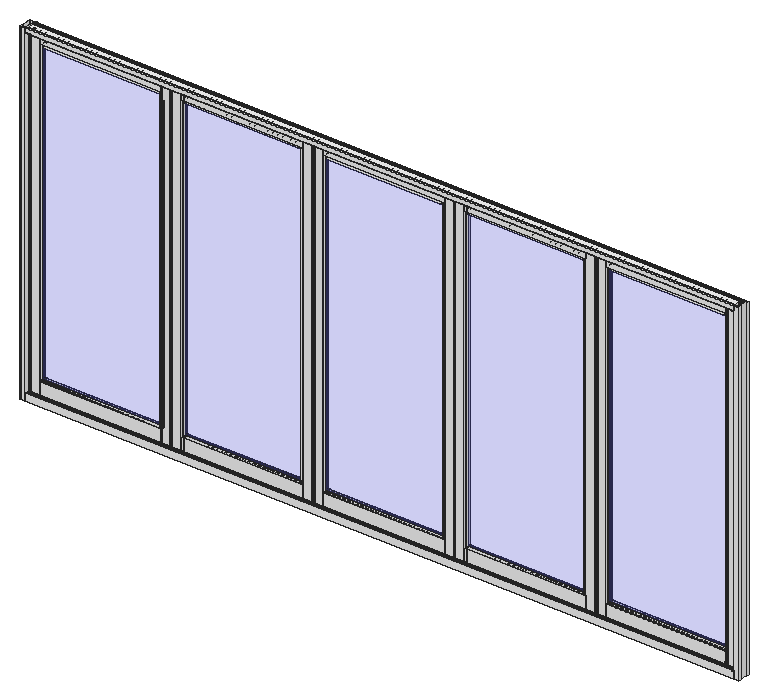
Revit family "Vistafold_Sliding_Folding_5_Standard", category Doors, host Wall, Revit 2014
Parameters (values of type "Vistafold-5-4521-1000Pa")
  Windload Design = if(Custom Windload < 1001 mm, 1000 mm, if(Custom Windload < 1501 mm, 1500 mm, 1500 mm))  # 1000 mm
  Width Sash [instance] = 881.2 mm
  Width = if(Custom Door Width < Limit Door Width Min, Limit Door Width Min, if(Custom Door Width > Limit Door Width Max, Limit Door Width Max, Custom Door Width))  # 4490 mm
  Wall Thickness [instance] = 200 mm
  URL = "http://www.crealco.co.za/crealco-products.php"
  Toughened Safety U Value = 6.17
  Toughened Safety SHGC Value = 0.664
  Thickness = 758 mm
  Thermal Resistance (R) [instance] = if(IGDB or SAGDB Number = 1000016, 1.0000 (m²·K)/W / Toughened Safety U Value, if(IGDB or SAGDB Number = 100100, 1.0000 (m²·K)/W / Intruderprufe U Value, if(IGDB or SAGDB Number = 103200, 1.0000 (m²·K)/W / Intruderprufe LowE U Value, if(IGDB or SAGDB Number = 105003, 1.0000 (m²·K)/W / Intruderprufe Insulated U Value, if(IGDB or SAGDB Number = 105004, 1.0000 (m²·K)/W / Intruderprufe Insulated LowE U Value, 1.0000 (m²·K)/W / 7.9))))) * 1  # 0.126582 (m²·K)/W
  Solar Heat Gain Coefficient [instance] = if(IGDB or SAGDB Number = 1000016, Toughened Safety SHGC Value, if(IGDB or SAGDB Number = 100100, Intruderprufe SHGC Value, if(IGDB or SAGDB Number = 103200, Intruderprufe LowE SHGC Value, if(IGDB or SAGDB Number = 105003, Intruderprufe Insulated SHGC Value, if(IGDB or SAGDB Number = 105004, Intruderprufe Insulated LowE SHGC Value, 0)))))  # 0
  Single Glazing [instance] = not(Double Glazing)  # yes
  Sash Width = (Width - (2 * Sash Side Gap) - ((Number Of Sash Inserts - 1) * Sash Spacing Gap)) / Number Of Sash Inserts  # 881.2 mm
  Sash Spacing Gap = 4 mm  # constant formula
  Sash Height = Height - Sash Top Gap - Sash Bottom Gap  # 2023 mm
  Sash Top Gap = 34 mm  # constant formula
  Sash Side Gap = 34 mm  # constant formula
  Sash Frame Seal = 3.4 mm  # constant formula
  Sash Bottom Gap = 33 mm  # constant formula
  Rough Width = 2.5 mm
  Overall Width [instance] = 4490 mm
  Overall Height [instance] = 2090 mm
  Number Of Sash Inserts = 5  # constant formula
  Model = "Vistafold"  # constant formula
  Max System DG Unit Thickness = 25 mm  # constant formula
  Max System DG One Piece Thickness = rounddown((Max System DG Unit Thickness - DG Air Gap Thickness) / 2 mm) * 1 mm  # 6 mm
  Max Pane Area = (Sash Width - (2 * 38.7 mm)) * (Sash Height - (2 * 38.7 mm))  # 1.56387 m²
  Manufacturer = "Crealco"  # constant formula
  Limit Door Width Min = (Limit Sash Width Min * Number Of Sash Inserts) + (2 * Sash Side Gap) + ((Number Of Sash Inserts - 1) * Sash Spacing Gap)  # 1584 mm
  Limit Door Width Max = (Limit Sash Width Max * Number Of Sash Inserts) + (2 * Sash Side Gap) + ((Number Of Sash Inserts - 1) * Sash Spacing Gap)  # 4584 mm
  Limit Door Height Min = Limit Sash Height Min + Sash Bottom Gap + Sash Top Gap  # 367 mm
  Limit Door Height Max = Limit Sash Height Max + Sash Bottom Gap + Sash Top Gap  # 2467 mm
  Limit Sash Width Min = 300 mm  # constant formula
  Limit Sash Width Max = if(Windload Design = 1000 mm, if(not(Height - Sash Top Gap - Sash Bottom Gap > 2100 mm), 900 mm, 600 mm), 600 mm)  # 900 mm
  Limit Sash Height Min = 300 mm  # constant formula
  Limit Sash Height Max = if(Windload Design = 1000 mm, 2400 mm, 2100 mm)  # 2400 mm
  Intruderprufe U Value = 6.06
  Intruderprufe SHGC Value = 0.626
  Intruderprufe LowE U Value = 4.76
  Intruderprufe LowE SHGC Value = 0.547
  Intruderprufe Insulated U Value = 3.73
  Intruderprufe Insulated SHGC Value = 0.54
  Intruderprufe Insulated LowE U Value = 3.8
  Intruderprufe Insulated LowE SHGC Value = 0.487
  IGDB or SAGDB Number = 0
  Height Sash [instance] = 2023 mm
  Height = if(Custom Door Height < Limit Door Height Min, Limit Door Height Min, if(Custom Door Height > Limit Door Height Max, Limit Door Height Max, Custom Door Height))  # 2090 mm
  Heat Transfer Coefficient (U) [instance] = if(IGDB or SAGDB Number = 1000016, Toughened Safety U Value, if(IGDB or SAGDB Number = 100100, Intruderprufe U Value, if(IGDB or SAGDB Number = 103200, Intruderprufe LowE U Value, if(IGDB or SAGDB Number = 105003, Intruderprufe Insulated U Value, if(IGDB or SAGDB Number = 105004, Intruderprufe Insulated LowE U Value, 7.9))))) * 1.0000 W/(m²·K)  # 7.9000 W/(m²·K)
  Glazing Thickness DG [instance] = if(IGDB or SAGDB Number = 105003, 6 mm, if(IGDB or SAGDB Number = 105004, 7 mm, if(DG Thickness Calc > Max System DG One Piece Thickness, Max System DG One Piece Thickness, DG Thickness Calc)))  # 6 mm
  Glazing Thickness SG [instance] = if(IGDB or SAGDB Number = 1000016, 5 mm, if(IGDB or SAGDB Number = 100100, 6 mm, if(IGDB or SAGDB Number = 103200, 7 mm, if(not(Max Pane Area > 0.75 m²), 4 mm, if(not(Max Pane Area > 1.50 m²), 4 mm, if(not(Max Pane Area > 2.10 m²), 5 mm, if(not(Max Pane Area > 2.90 m²), 6.4 mm, if(not(Max Pane Area > 4.30 m²), 8 mm, 10 mm))))))))  # 5 mm
  Glazing Material [instance] = if(IGDB or SAGDB Number = 1000016, "PFG TOUGHENED SAFETY GLASS 5mm", if(IGDB or SAGDB Number = 100100, "PFG INTRUDERPRUFE 6.38mm", if(IGDB or SAGDB Number = 103200, "PFG INTRUDERPRUFE LOW-E 7.38mm", if(IGDB or SAGDB Number = 105003, "PFG 25mm INTRUDERPRUFE INSULATED GLASS", if(IGDB or SAGDB Number = 105004, "PFG 25mm INTRUDERPRUFE INSULATED GLASS LOW-E", "Unknown")))))  # "Unknown"
  Glazing Finish [instance] = Glass
  Glazing Code [instance] = if(IGDB or SAGDB Number = 1000016, "TSG5", if(IGDB or SAGDB Number = 100100, "LAM01", if(IGDB or SAGDB Number = 103200, "LAM01E", if(IGDB or SAGDB Number = 105003, "IGU25", if(IGDB or SAGDB Number = 105004, "IGU25E", "Unknown")))))  # "Unknown"
  Frame Thickness = 75 mm  # constant formula
  Frame Offset From Exterior [instance] = Frame Thickness / 2  # 37.5 mm
  Double Glazing Gasket Material = Double Glazing Gasket Material
  Double Glazing [instance] = no
  Description = "Sliding folding door, 5 panel"  # constant formula
  Default Sill Height = 0 mm  # constant formula
  Wall Closure = By host
  DG Thickness Calc = if(not(Max Pane Area > 1.125 m²), 6 mm, if(not(Max Pane Area > 2.25 m²), 6 mm, if(not(Max Pane Area > 3.15 m²), 6 mm, if(not(Max Pane Area > 4.35 m²), 6 mm, if(not(Max Pane Area > 6.45 m²), 8 mm, 10 mm)))))  # 6 mm
  DG Air Gap Thickness = 12 mm  # constant formula
  Custom Door Width = 4490 mm
  Custom Door Height = 2090 mm
  Custom Windload = 1000 mm
  Custom Frame Offset From Exterior = 0 mm
  Centered In Wall = yes
  Aluminium Finish [instance] = White Powder Coated Aluminium ANP 1052
  All Available Glazing Numbers = "The rows below list the available glazing materials for this window:"  # constant formula
  105004 [instance] = "IGU25E"  # constant formula
  105003 [instance] = "IGU25"  # constant formula
  103200 [instance] = "LAM01E"  # constant formula
  100100 [instance] = "LAM01"  # constant formula
  1000016 [instance] = "TSG5"  # constant formula
Reference planes
  plane 1 "Center (Front/Back)": y = 0
  plane 2 "Center (Left/Right)": x = 0
  plane 3 "Left": x = -2245
  plane 4 "Right": x = 2245
  plane 5 "Sill": z = 0
  plane 6 "Head": z = 2090
  plane 7 "Exterior": y = 100
  plane 8 "Interior": y = -100
Lines and regions (mm)
  Opening 1
    outline origin (3500, -100, 0) x (1, 0, 0) y (0, 0, 1)
      loop
        line (-1255, 0) -> (-1255, 2090) -> (-5745, 2090) -> (-5745, 0) -> (-1255, 0)
Text (mm)
  text "EXTERIOR" at (-1963.203, 1332.353, 0), in view "Ref. Level"
  text "INTERIOR" at (-1981.466, -818.386, 0), in view "Ref. Level"
  text "Exterior" at (0, 923.751, 2943.296), in view "Right"
  text "Exterior" at (0, 1040.484, 2685.409), in view "Left"
Dimensions and locks
  equal spacing: plane 3 "Left", plane 2 "Center (Left/Right)", plane 4 "Right"
  "Width": plane 3 "Left" to plane 4 "Right"
  "Height": plane 5 "Sill" to plane 6 "Head"
  "Default Sill Height": plane 5 "Sill" to level
  locked: plane 7 "Exterior" to host wall at 0
  locked: plane 8 "Interior" to host wall
  "Overall Height": plane 6 "Head" to plane 5 "Sill"
  "Overall Width": plane 3 "Left" to plane 4 "Right"
  "Frame Offset From Exterior": host wall to nested 1
  "Sash Side Gap": plane 3 "Left" to nested 2
  "Sash Top Gap": nested 2 to plane 6 "Head"
  "Sash Top Gap": nested 3 to plane 6 "Head"
  "Sash Top Gap": nested 4 to plane 6 "Head"
  "Sash Spacing Gap": nested 2 to nested 3
  "Sash Spacing Gap": nested 3 to nested 4
  "Height Sash": nested 4 to nested 4
  "Width Sash": nested 4 to nested 4
  "Sash Top Gap": nested 8 to plane 6 "Head"
  "Sash Spacing Gap": nested 4 to nested 8
  "Sash Top Gap": nested 10 to plane 6 "Head"
  "Sash Spacing Gap": nested 8 to nested 10
  aligned and locked: plane 6 "Head" to nested 1
  aligned and locked: nested 1 to plane 4 "Right"
  aligned and locked: nested 2 to nested 1
  aligned and locked: nested 3 to nested 1
  aligned and locked: nested 4 to nested 1
  aligned and locked: nested 1 to nested 8
  aligned and locked: nested 10 to nested 1
Automatic sketch dimensions
  plane 3 "Left" to Opening 1 sketch curve = 0 mm
  plane 4 "Right" to Opening 1 sketch curve = 0 mm
  Opening 1 sketch curve to plane 5 "Sill" = 0 mm
  Opening 1 sketch curve to plane 6 "Head" = 0 mm
Nested families
  nested 1: "Vistafold_Frame_5_Std" at (2290, -59.088, -88.811) x (-1, 0, 0) z (0, 0, 1), Width <- "Width", Height <- "Height", Profile Material <- "Aluminium Finish", type "Vistafold_Frame_5_Std"
    with Width 4490 mm, Profile Material White Powder Coated Aluminium ANP 1052, Length Jamb 2090 mm, Length Head & Sill 4430 mm, Height 2090 mm
  nested 2: "Vistafold_Sash_Insert_5_Std" at (-1329.8, -6.496, 33) x (-1, 0, 0) z (0, 0, 1), Profile Material <- "Aluminium Finish", Glazing Material <- "Glazing Finish", Double Glazing Gasket Material <- "Double Glazing Gasket Material", Sash Width <- "Sash Width", Sash Height <- "Sash Height", Glazing Thickness DG <- "Glazing Thickness DG", Glazing Thickness SG <- "Glazing Thickness SG", DG Gasket Thickness <- "DG Air Gap Thickness", Double Glazing <- "Double Glazing", type "Vistafold_Sash_Insert_5_Std"
    with Single Glazing yes, Sash Width 881.2 mm, Sash Height 2023 mm, SG Exterior Offset 11.85 mm, Right Sliding Folding no, Right Hinged no, Profile Material White Powder Coated Aluminium ANP 1052, Length Jamb 2023 mm, Length Head and Sill 761.2 mm, Left Sliding Folding yes, Left Hinged no, Jamb Woodpile Right no, Jamb Woodpile Left no, Jamb Stile Right no, Jamb Stile Left yes, Jamb Astragal Right yes, Jamb Astragal Left no, Is Sliding yes, Glazing Width 751.2 mm, Glazing Thickness SG 5 mm, Glazing Thickness DG 6 mm, Glazing Material Glass, Glazing Height 1878 mm, Double Glazing Gasket Material Double Glazing Gasket Material, Double Glazing no, DG Gasket Thickness 12 mm, DG Exterior Offset 10.3 mm, Bead Width 761.2 mm, Bead Height 1888 mm
  nested 3: "Vistafold_Sash_Insert_5_Std" at (-444.6, -6.496, 33) x (-1, 0, 0) z (0, 0, 1), Profile Material <- "Aluminium Finish", Glazing Material <- "Glazing Finish", Double Glazing Gasket Material <- "Double Glazing Gasket Material", Sash Width <- "Sash Width", Sash Height <- "Sash Height", Glazing Thickness DG <- "Glazing Thickness DG", Glazing Thickness SG <- "Glazing Thickness SG", DG Gasket Thickness <- "DG Air Gap Thickness", Double Glazing <- "Double Glazing", type "Vistafold_Sash_Insert_5_Std"
    with Single Glazing yes, Sash Width 881.2 mm, Sash Height 2023 mm, SG Exterior Offset 11.85 mm, Right Sliding Folding no, Right Hinged no, Profile Material White Powder Coated Aluminium ANP 1052, Length Jamb 2023 mm, Length Head and Sill 761.2 mm, Left Sliding Folding yes, Left Hinged no, Jamb Woodpile Right yes, Jamb Woodpile Left no, Jamb Stile Right no, Jamb Stile Left yes, Jamb Astragal Right no, Jamb Astragal Left no, Is Sliding yes, Glazing Width 751.2 mm, Glazing Thickness SG 5 mm, Glazing Thickness DG 6 mm, Glazing Material Glass, Glazing Height 1878 mm, Double Glazing Gasket Material Double Glazing Gasket Material, Double Glazing no, DG Gasket Thickness 12 mm, DG Exterior Offset 10.3 mm, Bead Width 761.2 mm, Bead Height 1888 mm
  nested 4: "Vistafold_Sash_Insert_5_Std" at (440.6, -6.496, 33) x (-1, 0, 0) z (0, 0, 1), Profile Material <- "Aluminium Finish", Glazing Material <- "Glazing Finish", Double Glazing Gasket Material <- "Double Glazing Gasket Material", Sash Width <- "Sash Width", Sash Height <- "Sash Height", Glazing Thickness DG <- "Glazing Thickness DG", Glazing Thickness SG <- "Glazing Thickness SG", DG Gasket Thickness <- "DG Air Gap Thickness", Double Glazing <- "Double Glazing", type "Vistafold_Sash_Insert_5_Std"
    with Single Glazing yes, Sash Width 881.2 mm, Sash Height 2023 mm, SG Exterior Offset 11.85 mm, Right Sliding Folding no, Right Hinged no, Profile Material White Powder Coated Aluminium ANP 1052, Length Jamb 2023 mm, Length Head and Sill 761.2 mm, Left Sliding Folding yes, Left Hinged no, Jamb Woodpile Right yes, Jamb Woodpile Left no, Jamb Stile Right no, Jamb Stile Left yes, Jamb Astragal Right no, Jamb Astragal Left no, Is Sliding yes, Glazing Width 751.2 mm, Glazing Thickness SG 5 mm, Glazing Thickness DG 6 mm, Glazing Material Glass, Glazing Height 1878 mm, Double Glazing Gasket Material Double Glazing Gasket Material, Double Glazing no, DG Gasket Thickness 12 mm, DG Exterior Offset 10.3 mm, Bead Width 761.2 mm, Bead Height 1888 mm
  nested 5: "Vistafold_Single_Glazing_Sliding_Folding_5_Std" at (-2146, 5.354, 123) x (-1, 0, 0) z (0, 0, 1), type "Vistafold_Single_Glazing_Sliding_Folding_5_Std"
    with Right Sliding Folding no, Right Hinged no, Length Arrow Tip 65.717 mm, Length Arrow Down 108.433 mm, Length Arrow 216.867 mm, Left Sliding Folding yes, Left Hinged no, Is Sliding Folding yes, Half Height 939 mm, Glazing Width 751.2 mm, Glazing Thickness SG 5 mm, Glazing Material Glass, Glazing Height 1878 mm, Double Glazing Gasket Material Double Glazing Gasket Material, Arrow Tip Length 65.717 mm, Arrow Left Gap 267.167 mm, Arrow Bottom Gap 993.217 mm
  nested 6: "Vistafold_Single_Glazing_Sliding_Folding_5_Std" at (-1260.8, 5.354, 123) x (-1, 0, 0) z (0, 0, 1), type "Vistafold_Single_Glazing_Sliding_Folding_5_Std"
    with Right Sliding Folding no, Right Hinged no, Length Arrow Tip 65.717 mm, Length Arrow Down 108.433 mm, Length Arrow 216.867 mm, Left Sliding Folding yes, Left Hinged no, Is Sliding Folding yes, Half Height 939 mm, Glazing Width 751.2 mm, Glazing Thickness SG 5 mm, Glazing Material Glass, Glazing Height 1878 mm, Double Glazing Gasket Material Double Glazing Gasket Material, Arrow Tip Length 65.717 mm, Arrow Left Gap 267.167 mm, Arrow Bottom Gap 993.217 mm
  nested 7: "Vistafold_Single_Glazing_Sliding_Folding_5_Std" at (-375.6, 5.354, 123) x (-1, 0, 0) z (0, 0, 1), type "Vistafold_Single_Glazing_Sliding_Folding_5_Std"
    with Right Sliding Folding no, Right Hinged no, Length Arrow Tip 65.717 mm, Length Arrow Down 108.433 mm, Length Arrow 216.867 mm, Left Sliding Folding yes, Left Hinged no, Is Sliding Folding yes, Half Height 939 mm, Glazing Width 751.2 mm, Glazing Thickness SG 5 mm, Glazing Material Glass, Glazing Height 1878 mm, Double Glazing Gasket Material Double Glazing Gasket Material, Arrow Tip Length 65.717 mm, Arrow Left Gap 267.167 mm, Arrow Bottom Gap 993.217 mm
  nested 8: "Vistafold_Sash_Insert_5_Std" at (1325.8, -6.5, 33) x (-1, 0, 0) z (0, 0, 1), Profile Material <- "Aluminium Finish", Glazing Material <- "Glazing Finish", Double Glazing Gasket Material <- "Double Glazing Gasket Material", Sash Width <- "Sash Width", Sash Height <- "Sash Height", Glazing Thickness DG <- "Glazing Thickness DG", Glazing Thickness SG <- "Glazing Thickness SG", DG Gasket Thickness <- "DG Air Gap Thickness", Double Glazing <- "Double Glazing", type "Vistafold_Sash_Insert_5_Std"
    with Single Glazing yes, Sash Width 881.2 mm, Sash Height 2023 mm, SG Exterior Offset 11.85 mm, Right Sliding Folding no, Right Hinged no, Profile Material White Powder Coated Aluminium ANP 1052, Length Jamb 2023 mm, Length Head and Sill 761.2 mm, Left Sliding Folding yes, Left Hinged no, Jamb Woodpile Right yes, Jamb Woodpile Left no, Jamb Stile Right no, Jamb Stile Left yes, Jamb Astragal Right no, Jamb Astragal Left no, Is Sliding yes, Glazing Width 751.2 mm, Glazing Thickness SG 5 mm, Glazing Thickness DG 6 mm, Glazing Material Glass, Glazing Height 1878 mm, Double Glazing Gasket Material Double Glazing Gasket Material, Double Glazing no, DG Gasket Thickness 12 mm, DG Exterior Offset 10.3 mm, Bead Width 761.2 mm, Bead Height 1888 mm
  nested 9: "Vistafold_Single_Glazing_Sliding_Folding_5_Std" at (509.6, 5.35, 123) x (-1, 0, 0) z (0, 0, 1), type "Vistafold_Single_Glazing_Sliding_Folding_5_Std"
    with Right Sliding Folding no, Right Hinged no, Length Arrow Tip 65.717 mm, Length Arrow Down 108.433 mm, Length Arrow 216.867 mm, Left Sliding Folding yes, Left Hinged no, Is Sliding Folding yes, Half Height 939 mm, Glazing Width 751.2 mm, Glazing Thickness SG 5 mm, Glazing Material Glass, Glazing Height 1878 mm, Double Glazing Gasket Material Double Glazing Gasket Material, Arrow Tip Length 65.717 mm, Arrow Left Gap 267.167 mm, Arrow Bottom Gap 993.217 mm
  nested 10: "Vistafold_Sash_Insert_5_Std" at (2211, -6.496, 33) x (-1, 0, 0) z (0, 0, 1), Profile Material <- "Aluminium Finish", Glazing Material <- "Glazing Finish", Double Glazing Gasket Material <- "Double Glazing Gasket Material", Sash Width <- "Sash Width", Sash Height <- "Sash Height", Glazing Thickness DG <- "Glazing Thickness DG", Glazing Thickness SG <- "Glazing Thickness SG", DG Gasket Thickness <- "DG Air Gap Thickness", Double Glazing <- "Double Glazing", type "Vistafold_Sash_Insert_5_Std"
    with Single Glazing yes, Sash Width 881.2 mm, Sash Height 2023 mm, SG Exterior Offset 11.85 mm, Right Sliding Folding no, Right Hinged no, Profile Material White Powder Coated Aluminium ANP 1052, Length Jamb 2023 mm, Length Head and Sill 761.2 mm, Left Sliding Folding yes, Left Hinged no, Jamb Woodpile Right yes, Jamb Woodpile Left no, Jamb Stile Right no, Jamb Stile Left yes, Jamb Astragal Right no, Jamb Astragal Left no, Is Sliding yes, Glazing Width 751.2 mm, Glazing Thickness SG 5 mm, Glazing Thickness DG 6 mm, Glazing Material Glass, Glazing Height 1878 mm, Double Glazing Gasket Material Double Glazing Gasket Material, Double Glazing no, DG Gasket Thickness 12 mm, DG Exterior Offset 10.3 mm, Bead Width 761.2 mm, Bead Height 1888 mm
  nested 11: "Vistafold_Single_Glazing_Sliding_Folding_5_Std" at (1394.8, 5.354, 123) x (-1, 0, 0) z (0, 0, 1), type "Vistafold_Single_Glazing_Sliding_Folding_5_Std"
    with Right Sliding Folding no, Right Hinged no, Length Arrow Tip 65.717 mm, Length Arrow Down 108.433 mm, Length Arrow 216.867 mm, Left Sliding Folding yes, Left Hinged no, Is Sliding Folding yes, Half Height 939 mm, Glazing Width 751.2 mm, Glazing Thickness SG 5 mm, Glazing Material Glass, Glazing Height 1878 mm, Double Glazing Gasket Material Double Glazing Gasket Material, Arrow Tip Length 65.717 mm, Arrow Left Gap 267.167 mm, Arrow Bottom Gap 993.217 mm
Definition of nested family "Vistafold_Frame_5_Std"
  Parameters (values of type "Vistafold_Frame")
    Width [instance] = 900 mm
    Profile Material [instance] = none
    Length Jamb [instance] = Height  # 600 mm
    Length Head & Sill [instance] = Width - (2 * Jamb Thickness)  # 840 mm
    Jamb Thickness = 30 mm  # constant formula
    Height [instance] = 600 mm
  Reference planes
    plane 1 "Center (Front/Back)": y = 0
    plane 2: z = 0
    plane 3 "Center (Left/Right)": x = 0
  Dimensions and locks
    aligned and locked: level to plane 2
    aligned and locked: nested 1 to nested 2
    aligned and locked: nested 2 to nested 1  (x2)
    aligned and locked: nested 1 to nested 4
    aligned and locked: nested 4 to nested 1  (x2)
    aligned and locked: nested 1 to nested 3
    aligned and locked: nested 3 to nested 2  (x2)
  Nested families
    nested 1: "Vistafold_Frame_Sill" at (75, -135.045, 65.947), Profile Material <- "Profile Material", Length Sill <- "Length Head & Sill", type "Vistafold_Frame_Sill"
      with Profile Material none, Length Sill 840 mm, Floortrack Start -840 mm
    nested 2: "Vistafold_Frame_Jamb" at (39.622, -105, 88.811), Profile Material <- "Profile Material", Length Jamb <- "Length Jamb", type "Vistafold_Frame_Jamb"
      with Profile Material none, Length Jamb 600 mm
    nested 3: "Vistafold_Frame_Head" at (75, -121.445, 230.545), Profile Material <- "Profile Material", Length Head <- "Length Head & Sill", type "Vistafold_Frame_Head"
      with Profile Material none, Length Head 840 mm
    nested 4: "Vistafold_Frame_Jamb" at (950.378, -105, 88.811) x (-1, 0, 0) z (0, 0, 1), Profile Material <- "Profile Material", Length Jamb <- "Length Jamb", type "Vistafold_Frame_Jamb"
      with Profile Material none, Length Jamb 600 mm
  Definition of nested family "Vistafold_Frame_Sill"
    Parameters (values of type "Vistafold_Frame_Sill")
      Profile Material [instance] = none
      Length Sill [instance] = 250 mm
      Floortrack Start [instance] = -Length Sill  # -250 mm
    Reference planes
      plane 1 "Center (Front/Back)": y = 0
      plane 2: z = 0
      plane 3 "Center (Left/Right)": x = 0
    Forms (mm)
      Extrusion 1, solid, material <- "Profile Material"
        sketch origin (0, 0, 0) x (0, 1, 0) y (0, 0, 1)
          loop
            line (75.282, 44.856) -> (66.006, 43.368) -> (66.006, 40.864) -> (39.406, 40.864) -> (39.406, 43.364) -> (38.456, 43.364) -> (38.456, 22.864) -> (40.456, 22.864) -> (40.456, 24.864) -> (62.456, 24.864) -> (62.456, 22.864) -> (64.456, 22.864) -> (64.456, 24.864) -> (86.456, 24.864) -> (86.456, 22.864) -> (88.456, 22.864) -> (88.456, 24.864) -> (111.456, 24.864) -> (111.456, 22.864) -> (113.456, 22.864) -> (113.456, 67.364)
            arc (113.456, 67.364) -> (113.31, 67.718) -> (112.956, 67.864) r 0.5
            line (112.956, 67.864) -> (108.156, 67.864) -> (107.449, 67.364) -> (102.48, 67.364) -> (101.773, 67.864) -> (98.156, 67.864) -> (97.449, 67.364) -> (92.48, 67.364) -> (91.773, 67.864) -> (86.956, 67.864)
            arc (86.956, 67.864) -> (86.603, 67.718) -> (86.456, 67.364) r 0.5
            line (86.456, 67.364) -> (86.456, 64.614) -> (87.456, 64.614) -> (87.456, 66.214) -> (89.056, 66.214) -> (89.056, 58.514) -> (87.456, 58.514) -> (87.456, 60.114) -> (86.456, 60.114) -> (86.456, 34.764)
            arc (86.456, 34.764) -> (86.017, 33.703) -> (84.956, 33.264) r 1.5
            line (84.956, 33.264) -> (78.956, 33.264)
            arc (78.956, 33.264) -> (77.896, 33.703) -> (77.456, 34.764) r 1.5
            line (77.456, 34.764) -> (77.456, 42.864)
            arc (77.456, 42.864) -> (76.808, 44.339) -> (75.282, 44.856) r 2
          loop
            line (75.456, 34.764) -> (75.456, 42.921) -> (68.006, 41.493) -> (68.006, 38.864) -> (40.456, 38.864) -> (40.456, 27.064) -> (86.456, 27.064) -> (86.456, 31.264) -> (78.956, 31.264)
            arc (78.956, 31.264) -> (76.482, 32.289) -> (75.456, 34.764) r 3.5
          loop
            line (111.456, 27.064) -> (111.456, 65.864) -> (91.056, 65.864) -> (91.056, 56.864) -> (88.456, 56.864) -> (88.456, 27.064) -> (111.456, 27.064)
        from 0 to 250 <- "Length Sill"
      Extrusion 2, solid
        sketch origin (250, 0, 0) x (0, 1, 0) y (0, 0, 1)
          loop
            line (50.256, 48.118) -> (50.256, 43.364) -> (40.006, 43.364) -> (40.006, 40.864) -> (66.006, 40.864) -> (66.006, 43.364) -> (55.756, 43.364) -> (55.756, 48.118)
            arc (55.756, 48.118) -> (53.006, 50.868) -> (50.256, 48.118) r 2.75
        from -250 <- "Floortrack Start" to 0
    Dimensions and locks
      aligned and locked: level to plane 2
  Definition of nested family "Vistafold_Frame_Jamb"
    Parameters (values of type "Vistafold_Frame_Jamb")
      Profile Material [instance] = none
      Length Jamb [instance] = 250 mm
      Cut Height = 45 mm  # constant formula
    Reference planes
      plane 1 "Center (Front/Back)": y = 0
      plane 2: z = 0
      plane 3 "Center (Left/Right)": x = 0
    Forms (mm)
      Extrusion 1, solid, material <- "Profile Material"
        sketch origin (0, 0, 0) x (1, 0, 0) y (0, 1, 0)
          loop
            line (49.878, 60.812) -> (35.378, 60.812) -> (35.378, 83.412) -> (5.378, 83.412) -> (5.378, 67.912) -> (6.878, 67.912) -> (6.878, 70.412) -> (9.878, 70.412) -> (9.878, 21.412) -> (6.878, 21.412) -> (6.878, 23.912) -> (5.378, 23.912) -> (5.378, 8.412) -> (35.378, 8.412) -> (35.378, 11.512) -> (34.378, 11.512) -> (34.378, 10.012) -> (32.878, 10.012) -> (32.878, 17.612) -> (34.378, 17.612) -> (34.378, 16.112) -> (35.378, 16.112) -> (35.378, 30.312) -> (35.378, 44.712) -> (34.378, 44.712) -> (34.378, 43.212) -> (32.878, 43.212) -> (32.878, 50.812) -> (34.378, 50.812) -> (34.378, 49.312) -> (35.378, 49.312) -> (35.378, 59.012) -> (39.378, 59.012) -> (39.378, 56.912)
            arc (39.378, 56.912) -> (39.524, 56.558) -> (39.878, 56.412) r 0.5
            line (39.878, 56.412) -> (42.628, 56.412) -> (42.628, 57.412) -> (41.028, 57.412) -> (41.028, 59.012) -> (48.728, 59.012) -> (48.728, 57.412) -> (47.128, 57.412) -> (47.128, 56.412) -> (49.878, 56.412)
            arc (49.878, 56.412) -> (50.231, 56.558) -> (50.378, 56.912) r 0.5
            line (50.378, 56.912) -> (50.378, 60.312)
            arc (50.378, 60.312) -> (50.231, 60.665) -> (49.878, 60.812) r 0.5
          loop
            line (32.078, 52.412) -> (33.578, 52.412) -> (33.578, 81.412) -> (7.378, 81.412) -> (7.378, 72.212) -> (10.278, 72.212)
            arc (10.278, 72.212) -> (11.268, 71.802) -> (11.678, 70.812) r 1.4
            line (11.678, 70.812) -> (11.678, 21.012)
            arc (11.678, 21.012) -> (11.268, 20.022) -> (10.278, 19.612) r 1.4
            line (10.278, 19.612) -> (7.378, 19.612) -> (7.378, 10.412) -> (31.078, 10.412) -> (31.078, 18.212)
            arc (31.078, 18.212) -> (31.371, 18.919) -> (32.078, 19.212) r 1
            line (32.078, 19.212) -> (33.378, 19.212) -> (33.378, 30.312) -> (33.378, 41.612) -> (32.078, 41.612)
            arc (32.078, 41.612) -> (31.371, 41.904) -> (31.078, 42.612) r 1
            line (31.078, 42.612) -> (31.078, 51.412)
            arc (31.078, 51.412) -> (31.371, 52.119) -> (32.078, 52.412) r 1
        from 0 to 250 <- "Length Jamb"
      Extrusion 2, void
        sketch origin (35.378, 83.112, 0) x (0, 1, 0) y (0, 0, -1)
          loop
            line (-22.3, -250) -> (-22.3, -205) -> (-26.7, -205) -> (-26.7, -250) -> (-22.3, -250)
          loop
            line (-22.3, 0) -> (-26.7, 0) -> (-26.7, -45) -> (-22.3, -45) -> (-22.3, 0)
        from -50 to 0
    Cuts and joins
      Extrusion 2 cuts Extrusion 1
    Dimensions and locks
      "Cut Height": Extrusion 1 to Extrusion 2 sketch curve  (x2)
      aligned and locked: level to plane 2
      aligned and locked: Extrusion 1 to Extrusion 2 sketch curve  (x2)
      aligned and locked: Extrusion 2 sketch curve to Extrusion 1  (x4)
    Automatic sketch dimensions
      plane 3 "Center (Left/Right)" to Extrusion 1 sketch curve = 5.378 mm  (x2)
      Extrusion 1 sketch curve to Extrusion 1 sketch curve = 1.5 mm  (x10)
      Extrusion 1 sketch curve to Extrusion 1 sketch curve = 2 mm  (x2)
      Extrusion 1 sketch curve to Extrusion 1 sketch curve = 0.5 mm  (x4)
      Extrusion 1 sketch curve to Extrusion 1 sketch curve = 3 mm
      Extrusion 1 sketch curve to Extrusion 1 sketch curve = 0.4 mm  (x5)
      Extrusion 1 sketch curve to Extrusion 1 sketch curve = 1.4 mm
      Extrusion 1 sketch curve to Extrusion 1 sketch curve = 19.4 mm  (x2)
      Extrusion 1 sketch curve to plane 1 "Center (Front/Back)" = 10.412 mm
      Extrusion 1 sketch curve to Extrusion 1 sketch curve = 1 mm  (x7)
      Extrusion 1 sketch curve to Extrusion 1 sketch curve = 1.8 mm  (x2)
      Extrusion 1 sketch curve to Extrusion 1 sketch curve = 0.8 mm
      Extrusion 1 sketch curve to Extrusion 1 sketch curve = 1.3 mm  (x2)
      Extrusion 1 sketch curve to Extrusion 1 sketch curve = 21.9 mm
      Extrusion 1 sketch curve to Extrusion 1 sketch curve = 4 mm
      Extrusion 1 sketch curve to Extrusion 1 sketch curve = 1.65 mm
      Extrusion 1 sketch curve to Extrusion 1 sketch curve = 1.6 mm  (x5)
      Extrusion 1 sketch curve to Extrusion 1 sketch curve = 4.5 mm
      Extrusion 1 sketch curve to Extrusion 1 sketch curve = 1.15 mm  (x2)
      Extrusion 1 sketch curve to Extrusion 1 sketch curve = 4.6 mm  (x2)
      Extrusion 1 sketch curve to Extrusion 1 sketch curve = 0.6 mm  (x2)
      Extrusion 1 sketch curve to Extrusion 1 sketch curve = 9.2 mm  (x2)
      Extrusion 1 sketch curve to Extrusion 1 sketch curve = 2.5 mm  (x2)
      Extrusion 1 sketch curve to Extrusion 1 sketch curve = 11.1 mm
      Extrusion 1 sketch curve to Extrusion 1 sketch curve = 0 mm  (x2)
      Extrusion 1 sketch curve to Extrusion 1 sketch curve = 11.3 mm
      Extrusion 1 sketch curve to Extrusion 1 sketch curve = 7.1 mm
      Extrusion 1 sketch curve to Extrusion 1 sketch curve = 2.1 mm
      Extrusion 1 sketch curve to Extrusion 1 sketch curve = 16.5 mm
  Definition of nested family "Vistafold_Frame_Head"
    Parameters (values of type "Vistafold_Frame_Head")
      Profile Material [instance] = none
      Length Head [instance] = 250 mm
    Reference planes
      plane 1 "Center (Front/Back)": y = 0
      plane 2: z = 0
      plane 3 "Center (Left/Right)": x = 0
    Forms (mm)
      Extrusion 1, solid, material <- "Profile Material"
        sketch origin (0, 0, 0) x (0, 1, 0) y (0, 0, 1)
          loop
            arc (36.956, 458.266) -> (36.249, 457.973) -> (35.956, 457.266) r 1
            line (35.956, 457.266) -> (35.956, 445.766)
            arc (35.956, 445.766) -> (35.81, 445.412) -> (35.456, 445.266) r 0.5
            line (35.456, 445.266) -> (27.356, 445.266)
            arc (27.356, 445.266) -> (27.003, 445.412) -> (26.856, 445.766) r 0.5
            line (26.856, 445.766) -> (26.856, 455.766)
            arc (26.856, 455.766) -> (27.003, 456.119) -> (27.356, 456.266) r 0.5
            line (27.356, 456.266) -> (28.856, 456.266) -> (28.856, 458.266) -> (25.856, 458.266)
            arc (25.856, 458.266) -> (25.149, 457.973) -> (24.856, 457.266) r 1
            line (24.856, 457.266) -> (24.856, 429.266)
            arc (24.856, 429.266) -> (25.149, 428.558) -> (25.856, 428.266) r 1
            line (25.856, 428.266) -> (28.106, 428.266) -> (28.106, 429.266) -> (26.506, 429.266) -> (26.506, 430.866) -> (34.206, 430.866) -> (34.206, 429.266) -> (32.606, 429.266) -> (32.606, 428.266) -> (36.456, 428.266)
            arc (36.456, 428.266) -> (37.871, 428.851) -> (38.456, 430.266) r 2
            line (38.456, 430.266) -> (38.456, 451.466)
            arc (38.456, 451.466) -> (38.603, 451.819) -> (38.956, 451.966) r 0.5
            line (38.956, 451.966) -> (55.506, 451.966) -> (55.506, 430.266)
            arc (55.506, 430.266) -> (56.092, 428.851) -> (57.506, 428.266) r 2
            line (57.506, 428.266) -> (75.456, 428.266) -> (75.456, 424.266) -> (73.356, 424.266)
            arc (73.356, 424.266) -> (73.003, 424.119) -> (72.856, 423.766) r 0.5
            line (72.856, 423.766) -> (72.856, 421.016) -> (73.856, 421.016) -> (73.856, 422.616) -> (75.456, 422.616) -> (75.456, 414.916) -> (73.856, 414.916) -> (73.856, 416.516) -> (72.856, 416.516) -> (72.856, 413.766)
            arc (72.856, 413.766) -> (73.003, 413.412) -> (73.356, 413.266) r 0.5
            line (73.356, 413.266) -> (76.756, 413.266)
            arc (76.756, 413.266) -> (77.11, 413.412) -> (77.256, 413.766) r 0.5
            line (77.256, 413.766) -> (77.256, 428.266) -> (98.856, 428.266)
            arc (98.856, 428.266) -> (99.564, 428.558) -> (99.856, 429.266) r 1
            line (99.856, 429.266) -> (99.856, 458.266) -> (84.356, 458.266) -> (84.356, 456.766) -> (86.856, 456.766) -> (86.856, 453.766) -> (37.856, 453.766) -> (37.856, 456.766) -> (40.356, 456.766) -> (40.356, 458.266) -> (36.956, 458.266)
          loop
            arc (88.656, 453.366) -> (88.246, 452.376) -> (87.256, 451.966) r 1.4
            line (87.256, 451.966) -> (57.506, 451.966) -> (57.506, 430.766)
            arc (57.506, 430.766) -> (57.653, 430.412) -> (58.006, 430.266) r 0.5
            line (58.006, 430.266) -> (97.856, 430.266) -> (97.856, 456.266) -> (88.656, 456.266) -> (88.656, 453.366)
          loop
            line (26.856, 442.766) -> (26.856, 432.466) -> (35.956, 432.466) -> (35.956, 442.766)
            arc (35.956, 442.766) -> (35.81, 443.119) -> (35.456, 443.266) r 0.5
            line (35.456, 443.266) -> (27.356, 443.266)
            arc (27.356, 443.266) -> (27.003, 443.119) -> (26.856, 442.766) r 0.5
        from 0 to 250 <- "Length Head"
    Dimensions and locks
      aligned and locked: level to plane 2
Definition of nested family "Vistafold_Sash_Insert_5_Std"
  Parameters (values of type "Vistafold_Sash_Insert")
    Sill Height = 85 mm  # constant formula
    Jamb Width = 60 mm  # constant formula
    Single Glazing [instance] = not(Double Glazing)  # yes
    Head Height = 50 mm  # constant formula
    SG Exterior Offset [instance] = Back Glazing Pillar Gap + ((SG Available Space - Glazing Thickness SG) / 2)  # 12.35 mm
    SG Available Space = 13.3 mm  # constant formula
    Sash Width [instance] = 900 mm
    Sash Height [instance] = 1200 mm
    Right Sliding Folding [instance] = yes
    Right Hinged [instance] = yes
    Profile Material [instance] = White Powder Coated Aluminium ANP 1052
    Length Jamb [instance] = Sash Height  # 1200 mm
    Length Head and Sill [instance] = Sash Width - (2 * Jamb Width)  # 780 mm
    Left Sliding Folding [instance] = yes
    Left Hinged [instance] = yes
    Is Sliding [instance] = if(or(Right Sliding Folding, Left Sliding Folding), 1 = 1, 1 = 2)  # yes
    Is Hinged = yes
    Glazing Width [instance] = Sash Width - (Glazing Side Gap * 2)  # 770 mm
    Glazing Thickness DG [instance] = 3 mm
    Glazing Thickness SG [instance] = 4 mm
    Glazing Material [instance] = Glass
    Glazing Side Gap = Jamb Width + 5 mm  # 65 mm
    Glazing Height [instance] = Sash Height - Sill Height - Head Height - 10 mm  # 1055 mm
    Glazing Bottom Gap = Sill Height + 5 mm  # 90 mm
    DG Gasket Thickness [instance] = 12 mm
    Double Glazing Gasket Material [instance] = none
    Double Glazing [instance] = no
    DG Exterior Offset [instance] = Back Glazing Pillar Gap + ((DG Available Space - ((Glazing Thickness DG * 2) + DG Gasket Thickness)) / 2)  # 13.3 mm
    DG Available Space = 29.2 mm  # constant formula
    Bead Width [instance] = Sash Width - (2 * Jamb Width)  # 780 mm
    Bead Height [instance] = Sash Height - Sill Height - Head Height  # 1065 mm
    Bead Gap From Exterior = 34 mm  # constant formula
    Back Glazing Pillar Gap = 7.7 mm  # constant formula
    Jamb Stile Left [instance] = no
    Jamb Stile Right [instance] = no
    Jamb Woodpile Left [instance] = no
    Jamb Woodpile Right [instance] = no
    Jamb Astragal Left [instance] = no
    Jamb Astragal Right [instance] = no
  Reference planes
    plane 1 "Center (Front/Back)": y = 0
    plane 2: z = 0
    plane 3 "Center (Left/Right)": x = 0
  Dimensions and locks
    "Glazing Side Gap": plane 3 "Center (Left/Right)" to nested 1
    "SG Exterior Offset": nested 1 to plane 1 "Center (Front/Back)"
    "Glazing Bottom Gap": nested 1 to level
    "Glazing Side Gap": plane 3 "Center (Left/Right)" to nested 2
    "DG Exterior Offset": nested 2 to plane 1 "Center (Front/Back)"
    "Glazing Bottom Gap": nested 2 to level
    "Sash Width": plane 3 "Center (Left/Right)" to nested 4
    "Sash Width": plane 3 "Center (Left/Right)" to nested 5
    "Sash Width": plane 3 "Center (Left/Right)" to nested 6
    "Jamb Width": plane 3 "Center (Left/Right)" to nested 10
    "Jamb Width": plane 3 "Center (Left/Right)" to nested 9
    "Sash Height": nested 9 to level
    "Jamb Width": plane 3 "Center (Left/Right)" to nested 11
    "Bead Gap From Exterior": nested 11 to plane 1 "Center (Front/Back)"
    "Sill Height": nested 11 to level
    "Jamb Width": plane 3 "Center (Left/Right)" to nested 12
    "Bead Gap From Exterior": nested 12 to plane 1 "Center (Front/Back)"
    "Sill Height": nested 12 to level
    aligned and locked: level to plane 2
    aligned and locked: plane 1 "Center (Front/Back)" to nested 3
    aligned and locked: plane 3 "Center (Left/Right)" to nested 3
    aligned and locked: plane 1 "Center (Front/Back)" to nested 4
    aligned and locked: level to nested 3
    aligned and locked: level to nested 4
    aligned and locked: level to nested 5
    aligned and locked: plane 1 "Center (Front/Back)" to nested 5
    aligned and locked: nested 6 to level
    aligned and locked: nested 7 to level
    aligned and locked: nested 8 to level
    aligned and locked: nested 8 to plane 1 "Center (Front/Back)"
    aligned and locked: nested 7 to plane 1 "Center (Front/Back)"
    aligned and locked: nested 6 to plane 1 "Center (Front/Back)"
    aligned and locked: nested 7 to plane 3 "Center (Left/Right)"
    aligned and locked: nested 8 to plane 3 "Center (Left/Right)"
    aligned and locked: nested 10 to plane 1 "Center (Front/Back)"
    aligned and locked: nested 9 to plane 1 "Center (Front/Back)"
    aligned and locked: nested 10 to level
  Nested families
    nested 1: "Vistafold_Single_Glazing_Sliding_Folding_5_Std" at (835, -12.35, 90), Glazing Material <- "Glazing Material", Double Glazing Gasket Material <- "Double Glazing Gasket Material", visible <- "Single Glazing", Glazing Width <- "Glazing Width", Glazing Height <- "Glazing Height", Glazing Thickness SG <- "Glazing Thickness SG", Right Sliding Folding <- "Right Sliding Folding", Right Hinged <- "Right Hinged", Left Sliding Folding <- "Left Sliding Folding", Left Hinged <- "Left Hinged", type "Vistafold_Single_Glazing_Sliding_Folding_5_Std"
      with Right Sliding Folding yes, Right Hinged yes, Length Arrow Tip 67.616 mm, Length Arrow Down 111.567 mm, Length Arrow 223.133 mm, Left Sliding Folding yes, Left Hinged yes, Is Sliding Folding yes, Half Height 527.5 mm, Glazing Width 770 mm, Glazing Thickness SG 4 mm, Glazing Material Glass, Glazing Height 1055 mm, Double Glazing Gasket Material none, Arrow Tip Length 67.616 mm, Arrow Left Gap 273.433 mm, Arrow Bottom Gap 583.283 mm
    nested 2: "Vistafold_Double_Glazing_Sliding_Folding_5_Std" at (835, -13.3, 90), visible <- "Double Glazing", Glazing Material <- "Glazing Material", Double Glazing Gasket Material <- "Double Glazing Gasket Material", Glazing Width <- "Glazing Width", Glazing Height <- "Glazing Height", Glazing Thickness DG <- "Glazing Thickness DG", Double Glazing Gasket Thickness <- "DG Gasket Thickness", Right Sliding Folding <- "Right Sliding Folding", Right Hinged <- "Right Hinged", Left Sliding Folding <- "Left Sliding Folding", Left Hinged <- "Left Hinged", type "Vistafold_Double_Glazing_Sliding_Folding_5_Std"
      with Right Sliding Folding yes, Right Hinged yes, Length Arrow Tip 67.616 mm, Length Arrow Down 111.567 mm, Length Arrow 223.133 mm, Left Sliding Folding yes, Left Hinged yes, Is Sliding Folding yes, Half Height 527.5 mm, Glazing Width 770 mm, Glazing Thickness DG 3 mm, Glazing Material Glass, Glazing Height 1055 mm, Double Glazing Gasket Thickness 12 mm, Double Glazing Gasket Material none, Arrow Tip Length 67.616 mm, Arrow Left Gap 273.433 mm, Arrow Bottom Gap 583.283 mm
    nested 3: "Vistafold_Sash_Jamb" at (-4.68, -59.621, 0) x (0, 1, 0) z (0, 0, 1), Length Jamb <- "Length Jamb", Profile Material <- "Profile Material", visible <- "Jamb Stile Left", type "Vistafold_Sash_Jamb"
      with Profile Material White Powder Coated Aluminium ANP 1052, Length Jamb 1200 mm
    nested 4: "Vistafold_Sash_Jamb_Woodpile" at (921.111, 17.608, 0) x (0, -1, 0) z (0, 0, 1), Length Jamb <- "Length Jamb", Profile Material <- "Profile Material", visible <- "Jamb Woodpile Right", type "Vistafold_Sash_Jamb_Woodpile"
      with Profile Material White Powder Coated Aluminium ANP 1052, Length Jamb 1200 mm
    nested 5: "Vistafold_Sash_Jamb_Astragal" at (919.592, 6.355, 0) x (0, -1, 0) z (0, 0, 1), Length Jamb <- "Length Jamb", Profile Material <- "Profile Material", visible <- "Jamb Astragal Right", type "Vistafold_Sash_Jamb_Astragal"
      with Profile Material White Powder Coated Aluminium ANP 1052, Length Jamb 1200 mm
    nested 6: "Vistafold_Sash_Jamb" at (904.68, -59.621, 0) x (0, 1, 0) z (0, 0, 1), Length Jamb <- "Length Jamb", Profile Material <- "Profile Material", visible <- "Jamb Stile Right", type "Vistafold_Sash_Jamb"
      with Profile Material White Powder Coated Aluminium ANP 1052, Length Jamb 1200 mm
    nested 7: "Vistafold_Sash_Jamb_Woodpile" at (-21.111, 17.608, 0) x (0, -1, 0) z (0, 0, 1), Length Jamb <- "Length Jamb", Profile Material <- "Profile Material", visible <- "Jamb Woodpile Left", type "Vistafold_Sash_Jamb_Woodpile"
      with Profile Material White Powder Coated Aluminium ANP 1052, Length Jamb 1200 mm
    nested 8: "Vistafold_Sash_Jamb_Astragal" at (-19.592, 6.355, 0) x (0, -1, 0) z (0, 0, 1), Length Jamb <- "Length Jamb", Profile Material <- "Profile Material", visible <- "Jamb Astragal Left", type "Vistafold_Sash_Jamb_Astragal"
      with Profile Material White Powder Coated Aluminium ANP 1052, Length Jamb 1200 mm
    nested 9: "Vistafold_Sash_Head" at (840, 25.85, 942.265) x (-1, 0, 0) z (0, 0, 1), Profile Material <- "Profile Material", Length Head <- "Length Head and Sill", type "Vistafold_Sash_Head"
      with Profile Material White Powder Coated Aluminium ANP 1052, Length Head 780 mm
    nested 10: "Vistafold_Sash_Sill" at (840, 7.791, -7.573) x (-1, 0, 0) z (0, 0, 1), Profile Material <- "Profile Material", Length Sill <- "Length Head and Sill", type "Vistafold_Sash_Sill"
      with Profile Material White Powder Coated Aluminium ANP 1052, Length Sill 780 mm
    nested 11: "Vistafold_Angled_Glazing_Bead" at (60, -21.001, 85), Bead Width <- "Bead Width", Bead Height <- "Bead Height", Profile Material <- "Profile Material", visible <- "Single Glazing", type "Vistafold_Angled_Glazing_Bead"
      with Profile Material White Powder Coated Aluminium ANP 1052, Bead Width 780 mm, Bead Height 1065 mm
    nested 12: "Vistafold_Double_Glazing_Bead" at (60, -18.1, 85), Bead Width <- "Bead Width", Bead Height <- "Bead Height", Profile Material <- "Profile Material", visible <- "Double Glazing", type "Vistafold_Double_Glazing_Bead"
      with Profile Material White Powder Coated Aluminium ANP 1052, Bead Width 780 mm, Bead Height 1065 mm
  Definition of nested family "Vistafold_Single_Glazing_Sliding_Folding_5_Std"
    Parameters (values of type "Single_Glazing_Sliding_Folding")
      Right Hinged [instance] = yes
      Length Arrow Down [instance] = Length Arrow / 2  # 133.233 mm
      Left Hinged [instance] = yes
      Half Height [instance] = Glazing Height / 2  # 750 mm
      Glazing Width [instance] = 900 mm
      Glazing Height [instance] = 1500 mm
      Right Sliding Folding [instance] = yes
      Length Arrow Tip [instance] = if((Glazing Height - (2 * 50.3 mm)) / 8 > Length Arrow / 3.3, Length Arrow / 3.3, (Glazing Height - (2 * 50.3 mm)) / 8)  # 80.747 mm
      Length Arrow [instance] = (Glazing Width - (2 * 50.3 mm)) / 3  # 266.467 mm
      Left Sliding Folding [instance] = yes
      Is Sliding Folding [instance] = if(or(Right Sliding Folding, Left Sliding Folding), 1 = 1, 1 = 2)  # yes
      Glazing Thickness SG [instance] = 4 mm
      Glazing Material [instance] = Glass
      Glazing Bead Gap = 19.1 mm  # constant formula
      Double Glazing Gasket Material [instance] = none
      Arrow Tip Length [instance] = if((Glazing Height - (2 * 50.3 mm)) / 8 > Length Arrow / 3.3, Length Arrow / 3.3, (Glazing Height - (2 * 50.3 mm)) / 8)  # 80.747 mm
      Arrow Left Gap [instance] = (Glazing Width - Length Arrow) / 2  # 316.767 mm
      Arrow Bottom Gap [instance] = (Glazing Height / 2) + (Length Arrow Down / 2)  # 816.617 mm
    Reference planes
      plane 1 "Center (Front/Back)": y = 0
      plane 2: z = 0
      plane 3 "Center (Left/Right)": x = 0
    Forms (mm)
      Extrusion 1, solid, material "Glass" <- "Glazing Material"
        sketch origin (0, 0, 0) x (1, 0, 0) y (0, 0, 1)
          loop
            line (0, 0) -> (0, 1500) -> (-900, 1500) -> (-900, 0) -> (0, 0)
        from 0 to 4 <- "Glazing Thickness SG"
    Lines and regions (mm)
      model lines, style "GenericModelHiddenLines", visible <- "Left Hinged"
        curve 1: line (-880.9, -4, 1480.9) -> (-19.1, -4, 750)
        curve 2: line (-19.1, -4, 750) -> (-880.9, -4, 19.1)
      model lines, style "GenericModelHiddenLines", visible <- "Right Hinged"
        curve 3: line (-19.1, -4, 1480.9) -> (-880.9, -4, 750)
        curve 4: line (-880.9, -4, 750) -> (-19.1, -4, 19.1)
      model lines, style "GenericModel", visible <- "Left Sliding Folding"
        curve 5: line (-583.233, -4, 735.869) -> (-583.233, -4, 816.617)
        curve 6: line (-583.233, -4, 816.617) -> (-502.486, -4, 816.617)
      model lines, style "GenericModel", visible <- "Right Sliding Folding"
        curve 7: line (-397.514, -4, 816.617) -> (-316.767, -4, 816.617)
        curve 8: line (-316.767, -4, 816.617) -> (-316.767, -4, 735.869)
      model lines, style "GenericModel", visible <- "Is Sliding Folding"
        curve 9: line (-583.233, -4, 816.617) -> (-450, -4, 683.383)
        curve 10: line (-450, -4, 683.383) -> (-316.767, -4, 816.617)
    Dimensions and locks
      "Glazing Width": plane 3 "Center (Left/Right)" to Extrusion 1 sketch curve
      "Glazing Height": Extrusion 1 sketch curve to level
      "Glazing Bead Gap": curve 2 to Extrusion 1
      "Glazing Bead Gap": Extrusion 1 to curve 2  (x2)
      "Glazing Bead Gap": Extrusion 1 to curve 4  (x2)
      "Glazing Bead Gap": curve 4 to Extrusion 1
      "Glazing Bead Gap": Extrusion 1 to curve 3  (x2)
      "Glazing Bead Gap": Extrusion 1 to curve 1  (x2)
      "Half Height": curve 4 to Extrusion 1
      "Half Height": curve 2 to Extrusion 1
      "Arrow Left Gap": Extrusion 1 to curve 5
      "Arrow Left Gap": Extrusion 1 to curve 8
      "Arrow Bottom Gap": curve 7 to Extrusion 1
      "Arrow Bottom Gap": curve 6 to Extrusion 1
      equal spacing: curve 8, curve 10, curve 5
      "Length Arrow Down": curve 6 to curve 10
      "Length Arrow Tip": curve 6 to curve 5  (x2)
      "Length Arrow Tip": curve 7 to curve 8  (x2)
      aligned and locked: level to plane 2
      aligned and locked: Extrusion 1 sketch curve to plane 3 "Center (Left/Right)"
      aligned and locked: level to Extrusion 1 sketch curve
  Definition of nested family "Vistafold_Double_Glazing_Sliding_Folding_5_Std"
    Parameters (values of type "Double_Glazing_Sliding_Folding")
      Right Sliding Folding [instance] = yes
      Right Hinged [instance] = yes
      Length Arrow Down [instance] = Length Arrow / 2  # 83.233 mm
      Left Sliding Folding [instance] = yes
      Left Hinged [instance] = yes
      Is Sliding Folding [instance] = if(or(Right Sliding Folding, Left Sliding Folding), 1 = 1, 1 = 2)  # yes
      Half Height [instance] = Glazing Height / 2  # 300 mm
      Glazing Width [instance] = 600 mm
      Glazing Height [instance] = 600 mm
      Length Arrow Tip [instance] = if((Glazing Height - (2 * 50.3 mm)) / 8 > Length Arrow / 3.3, Length Arrow / 3.3, (Glazing Height - (2 * 50.3 mm)) / 8)  # 50.444 mm
      Length Arrow [instance] = (Glazing Width - (2 * 50.3 mm)) / 3  # 166.467 mm
      Glazing Thickness DG [instance] = 4 mm
      Glazing Material [instance] = Glass
      Glazing Bead Gap = 19.1 mm  # constant formula
      Double Glazing Gasket Thickness [instance] = 12 mm
      Double Glazing Gasket Material [instance] = none
      Arrow Tip Length [instance] = if((Glazing Height - (2 * 50.3 mm)) / 8 > Length Arrow / 3.3, Length Arrow / 3.3, (Glazing Height - (2 * 50.3 mm)) / 8)  # 50.444 mm
      Arrow Left Gap [instance] = (Glazing Width - Length Arrow) / 2  # 216.767 mm
      Arrow Bottom Gap [instance] = (Glazing Height / 2) + (Length Arrow Down / 2)  # 341.617 mm
    Reference planes
      plane 1 "Center (Front/Back)": y = 0
      plane 2: z = 0
      plane 3 "Center (Left/Right)": x = 0
    Forms (mm)
      Extrusion 1, solid, material "Glass" <- "Glazing Material"
        sketch origin (0, 0, 0) x (1, 0, 0) y (0, 0, 1)
          loop
            line (0, 0) -> (0, 600) -> (-600, 600) -> (-600, 0) -> (0, 0)
        from 0 to 4 <- "Glazing Thickness DG"
      Extrusion 2, solid, material <- "Double Glazing Gasket Material"
        sketch origin (0, -4, 0) x (1, 0, 0) y (0, 0, 1)
          loop
            line (-600, 600) -> (-600, 0) -> (0, 0) -> (0, 600) -> (-600, 600)
          loop
            line (-592, 8) -> (-8, 8) -> (-8, 592) -> (-592, 592) -> (-592, 8)
        from 0 to 12 <- "Double Glazing Gasket Thickness"
      Extrusion 3, solid, material "Glass" <- "Glazing Material"
        sketch origin (0, -16, 0) x (1, 0, 0) y (0, 0, 1)
          loop
            line (-600, 600) -> (-600, 0) -> (0, 0) -> (0, 600) -> (-600, 600)
        from 0 to 4 <- "Glazing Thickness DG"
    Lines and regions (mm)
      model lines, style "GenericModelHiddenLines", visible <- "Left Hinged"
        curve 1: line (-580.9, -20, 19.1) -> (-19.1, -20, 300)
        curve 2: line (-19.1, -20, 300) -> (-580.9, -20, 580.9)
      model lines, style "GenericModelHiddenLines", visible <- "Right Hinged"
        curve 3: line (-19.1, -20, 580.9) -> (-580.9, -20, 300)
        curve 4: line (-580.9, -20, 300) -> (-19.1, -20, 19.1)
      model lines, style "GenericModel", visible <- "Right Sliding Folding"
        curve 5: line (-267.211, -20, 341.617) -> (-216.767, -20, 341.617)
        curve 6: line (-216.767, -20, 341.617) -> (-216.767, -20, 291.172)
      model lines, style "GenericModel", visible <- "Left Sliding Folding"
        curve 7: line (-383.233, -20, 341.617) -> (-383.233, -20, 291.172)
        curve 10: line (-383.233, -20, 341.617) -> (-332.789, -20, 341.617)
      model lines, style "GenericModel", visible <- "Is Sliding Folding"
        curve 8: line (-383.233, -20, 341.617) -> (-300, -20, 258.383)
        curve 9: line (-300, -20, 258.383) -> (-216.767, -20, 341.617)
    Dimensions and locks
      "Glazing Width": plane 3 "Center (Left/Right)" to Extrusion 1 sketch curve
      "Glazing Height": Extrusion 1 sketch curve to level
      "Glazing Bead Gap": curve 1 to Extrusion 3
      "Glazing Bead Gap": Extrusion 3 to curve 1
      "Glazing Bead Gap": Extrusion 3 to curve 2  (x3)
      "Half Height": curve 2 to Extrusion 3
      "Glazing Bead Gap": Extrusion 3 to curve 4  (x2)
      "Half Height": curve 4 to Extrusion 3
      "Glazing Bead Gap": curve 4 to Extrusion 3
      "Glazing Bead Gap": Extrusion 3 to curve 3  (x2)
      "Arrow Left Gap": Extrusion 3 to curve 7
      "Arrow Left Gap": Extrusion 3 to curve 6
      "Arrow Bottom Gap": curve 5 to Extrusion 3
      "Arrow Bottom Gap": curve 10 to Extrusion 3
      equal spacing: curve 7, curve 9, curve 6
      "Length Arrow Down": curve 10 to curve 9
      "Length Arrow Tip": curve 10 to curve 7
      "Length Arrow Tip": curve 7 to curve 10
      "Length Arrow Tip": curve 5 to curve 6  (x2)
      aligned and locked: level to plane 2
      aligned and locked: Extrusion 1 sketch curve to plane 3 "Center (Left/Right)"
      aligned and locked: level to Extrusion 1 sketch curve
      aligned and locked: Extrusion 2 sketch curve to Extrusion 1  (x4)
      aligned and locked: Extrusion 3 sketch curve to Extrusion 2  (x4)
    Automatic sketch dimensions
      Extrusion 2 sketch curve to Extrusion 1 = 8 mm  (x4)
  Definition of nested family "Vistafold_Sash_Jamb"
    Parameters (values of type "Vistafold_Sash_Jamb")
      Profile Material [instance] = none
      Length Jamb [instance] = 250 mm
    Reference planes
      plane 1 "Center (Front/Back)": y = 0
      plane 2: z = 0
      plane 3 "Center (Left/Right)": x = 0
    Forms (mm)
      Extrusion 1, solid, material <- "Profile Material"
        sketch origin (0, 0, 0) x (1, 0, 0) y (0, 1, 0)
          loop
            arc (15.626, 6.48) -> (16.153, 5.207) -> (17.426, 4.68) r 1.8
            line (17.426, 4.68) -> (57.821, 4.68)
            arc (57.821, 4.68) -> (59.094, 5.207) -> (59.621, 6.48) r 1.8
            line (59.621, 6.48) -> (59.621, 64.68) -> (54.626, 64.68) -> (54.626, 79.68) -> (51.926, 79.68) -> (51.926, 78.48) -> (53.226, 78.48) -> (53.226, 76.28) -> (52.826, 75.58) -> (52.826, 64.68) -> (39.626, 64.68) -> (39.626, 63.705) -> (42.626, 63.443) -> (42.626, 62.08) -> (24.126, 62.08) -> (24.126, 63.574) -> (25.626, 63.705) -> (25.626, 64.68) -> (15.626, 64.68) -> (15.626, 6.48)
          loop
            line (57.821, 6.48) -> (57.821, 9.88) -> (54.822, 9.88) -> (54.822, 11.079) -> (57.821, 11.079) -> (57.821, 62.88) -> (44.426, 62.88) -> (44.426, 61.68)
            arc (44.426, 61.68) -> (44.016, 60.69) -> (43.026, 60.28) r 1.4
            line (43.026, 60.28) -> (23.726, 60.28)
            arc (23.726, 60.28) -> (22.736, 60.69) -> (22.326, 61.68) r 1.4
            line (22.326, 61.68) -> (22.326, 62.88) -> (17.426, 62.88) -> (17.426, 11.079) -> (20.425, 11.079) -> (20.425, 9.88) -> (17.426, 9.88) -> (17.426, 6.48) -> (57.821, 6.48)
        from 0 to 250 <- "Length Jamb"
    Dimensions and locks
      aligned and locked: level to plane 2
  Definition of nested family "Vistafold_Sash_Jamb_Woodpile"
    Parameters (values of type "Vistafold_Sash_Jamb_Woodpile")
      Profile Material [instance] = none
      Length Jamb [instance] = 250 mm
    Reference planes
      plane 1 "Center (Front/Back)": y = 0
      plane 2: z = 0
      plane 3 "Center (Left/Right)": x = 0
    Forms (mm)
      Extrusion 1, solid, material <- "Profile Material"
        sketch origin (0, 0, 0) x (1, 0, 0) y (0, 1, 0)
          loop
            arc (20.208, 21.111) -> (20.708, 21.611) -> (20.208, 22.111) r 0.5
            line (20.208, 22.111) -> (19.208, 22.111) -> (19.208, 23.611) -> (26.808, 23.611) -> (26.808, 22.111) -> (25.808, 22.111)
            arc (25.808, 22.111) -> (25.308, 21.611) -> (25.808, 21.111) r 0.5
            line (25.808, 21.111) -> (39.508, 21.111) -> (53.408, 21.111)
            arc (53.408, 21.111) -> (53.908, 21.611) -> (53.408, 22.111) r 0.5
            line (53.408, 22.111) -> (52.408, 22.111) -> (52.408, 23.611) -> (60.008, 23.611) -> (60.008, 22.111) -> (59.008, 22.111)
            arc (59.008, 22.111) -> (58.508, 21.611) -> (59.008, 21.111) r 0.5
            line (59.008, 21.111) -> (59.808, 21.111)
            arc (59.808, 21.111) -> (61.08, 21.638) -> (61.608, 22.911) r 1.8
            line (61.608, 22.911) -> (61.608, 81.111) -> (53.108, 81.111) -> (51.608, 81.111) -> (51.608, 80.136) -> (53.108, 80.004) -> (53.108, 78.511) -> (34.608, 78.511) -> (34.608, 79.873) -> (37.608, 80.136) -> (37.608, 81.111) -> (34.608, 81.111) -> (24.408, 81.111) -> (24.408, 91.811) -> (24.008, 92.611) -> (24.008, 94.911) -> (25.308, 94.911) -> (25.308, 96.111) -> (22.608, 96.111) -> (22.608, 81.111) -> (17.608, 81.111) -> (17.608, 22.911)
            arc (17.608, 22.911) -> (18.135, 21.638) -> (19.408, 21.111) r 1.8
            line (19.408, 21.111) -> (20.208, 21.111)
          loop
            line (50.808, 23.111) -> (50.808, 24.411)
            arc (50.808, 24.411) -> (51.1, 25.118) -> (51.808, 25.411) r 1
            line (51.808, 25.411) -> (59.808, 25.411) -> (59.808, 79.311) -> (54.908, 79.311) -> (54.908, 78.111)
            arc (54.908, 78.111) -> (54.497, 77.121) -> (53.508, 76.711) r 1.4
            line (53.508, 76.711) -> (34.208, 76.711)
            arc (34.208, 76.711) -> (33.218, 77.121) -> (32.808, 78.111) r 1.4
            line (32.808, 78.111) -> (32.808, 79.311) -> (19.408, 79.311) -> (19.408, 25.411) -> (27.408, 25.411)
            arc (27.408, 25.411) -> (28.115, 25.118) -> (28.408, 24.411) r 1
            line (28.408, 24.411) -> (28.408, 23.111) -> (39.508, 23.111) -> (50.808, 23.111)
        from 0 to 250 <- "Length Jamb"
    Dimensions and locks
      aligned and locked: level to plane 2
  Definition of nested family "Vistafold_Sash_Jamb_Astragal"
    Parameters (values of type "Vistafold_Sash_Jamb_Astragal")
      Profile Material [instance] = none
      Length Jamb [instance] = 250 mm
    Reference planes
      plane 1 "Center (Front/Back)": y = 0
      plane 2: z = 0
      plane 3 "Center (Left/Right)": x = 0
    Forms (mm)
      Extrusion 1, solid, material <- "Profile Material"
        sketch origin (0, 0, 0) x (1, 0, 0) y (0, 1, 0)
          loop
            line (6.355, 79.592) -> (6.355, 21.392)
            arc (6.355, 21.392) -> (6.882, 20.119) -> (8.155, 19.592) r 1.8
            line (8.155, 19.592) -> (52.555, 19.592) -> (52.555, 12.492) -> (51.155, 12.492) -> (51.155, 10.562)
            arc (51.155, 10.562) -> (51.555, 10.162) -> (51.955, 10.562) r 0.4
            line (51.955, 10.562) -> (51.955, 11.362) -> (53.155, 11.362) -> (53.155, 5.722) -> (51.955, 5.722) -> (51.955, 6.522)
            arc (51.955, 6.522) -> (51.555, 6.922) -> (51.155, 6.522) r 0.4
            line (51.155, 6.522) -> (51.155, 5.722) -> (51.155, 4.841)
            arc (51.155, 4.841) -> (52.829, 4.629) -> (54.355, 5.352) r 3.01
            line (54.355, 5.352) -> (54.355, 19.392)
            arc (54.355, 19.392) -> (53.769, 20.806) -> (52.355, 21.392) r 2
            line (52.355, 21.392) -> (50.355, 21.392) -> (50.355, 79.592) -> (41.855, 79.592) -> (40.355, 79.592) -> (40.355, 78.592) -> (41.855, 78.46) -> (41.855, 76.992) -> (23.355, 76.992) -> (23.355, 78.329) -> (26.355, 78.592) -> (26.355, 79.592) -> (13.155, 79.592) -> (13.155, 90.292) -> (12.755, 91.092) -> (12.755, 93.392) -> (14.055, 93.392) -> (14.055, 94.592) -> (11.355, 94.592) -> (11.355, 79.592) -> (6.355, 79.592)
          loop
            line (8.355, 21.392) -> (48.555, 21.392) -> (48.555, 24.792) -> (45.555, 24.792) -> (45.555, 25.992) -> (48.555, 25.992) -> (48.555, 77.792) -> (43.655, 77.792) -> (43.655, 76.592)
            arc (43.655, 76.592) -> (43.245, 75.602) -> (42.255, 75.192) r 1.4
            line (42.255, 75.192) -> (22.955, 75.192)
            arc (22.955, 75.192) -> (21.965, 75.602) -> (21.555, 76.592) r 1.4
            line (21.555, 76.592) -> (21.555, 77.792) -> (8.355, 77.792) -> (8.355, 25.992) -> (11.401, 25.992) -> (11.401, 24.792) -> (8.355, 24.792) -> (8.355, 21.392)
        from 0 to 250 <- "Length Jamb"
    Dimensions and locks
      aligned and locked: level to plane 2
  Definition of nested family "Vistafold_Sash_Head"
    Parameters (values of type "Vistafold_Sash_Head")
      Profile Material [instance] = none
      Length Head [instance] = 250 mm
      Cutout Width = 15 mm  # constant formula
    Reference planes
      plane 1 "Center (Front/Back)": y = 0
      plane 2: z = 0
      plane 3 "Center (Left/Right)": x = 0
    Forms (mm)
      Extrusion 1, solid, material <- "Profile Material"
        sketch origin (0, 0, 0) x (0, 1, 0) y (0, 0, 1)
          loop
            line (69.85, 257.735) -> (68.05, 257.735) -> (68.05, 255.735) -> (64.95, 255.735) -> (64.95, 254.135) -> (68.1, 254.135) -> (68.1, 241.768) -> (67.545, 240.72) -> (67.545, 237.735) -> (28.15, 237.735) -> (28.15, 240.654) -> (27.64, 241.618) -> (27.64, 254.135) -> (30.75, 254.135) -> (30.75, 255.735) -> (27.65, 255.735) -> (27.65, 257.735) -> (25.85, 257.735) -> (25.85, 207.735) -> (30.845, 207.735) -> (30.845, 192.735) -> (33.545, 192.735) -> (33.545, 193.935) -> (32.245, 193.935) -> (32.245, 196.135) -> (32.645, 196.835) -> (32.645, 207.735) -> (45.845, 207.735) -> (45.845, 208.71) -> (42.845, 208.972) -> (42.845, 210.335) -> (61.345, 210.335) -> (61.345, 208.841) -> (59.845, 208.71) -> (59.845, 207.735) -> (69.85, 207.735) -> (69.85, 257.735)
          loop
            line (27.64, 235.935) -> (27.64, 209.535) -> (41.045, 209.535) -> (41.045, 210.735)
            arc (41.045, 210.735) -> (41.455, 211.725) -> (42.445, 212.135) r 1.4
            line (42.445, 212.135) -> (61.745, 212.135)
            arc (61.745, 212.135) -> (62.735, 211.725) -> (63.145, 210.735) r 1.4
